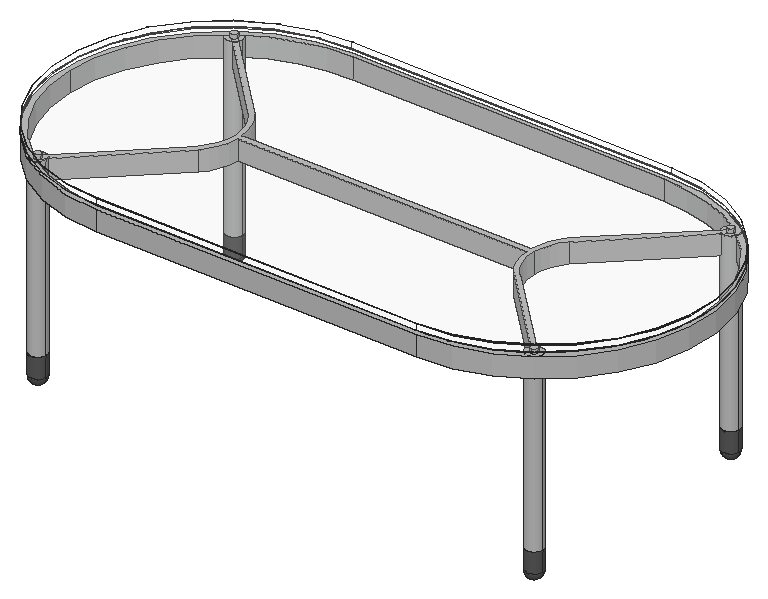
Revit family "805-48OL_Pill", category Furniture, Revit 2024
Family settings
  OmniClass Number = 23.40.20.00
  OmniClass Title = General Furniture and Specialties
  Work Plane-Based = No
  Enable Cutting in Views = No
  Always vertical = Yes
  Cut with Voids When Loaded = No
  Render Appearance Source = Family Geometry
  Shared = No
  Room Calculation Point = No
Parameters
  Top Width = 2' - 0.0015"
  Top Length = 3' - 11.99005"
  Overall Height = 1' - 3 31/32"
  Metal Frame = yes
  Legs_Y = 0' - 9 1/4"
  Legs_X = 1' - 6.6588"
  Legs Height = Overall Height - 0' 2 7/32"  # 1' - 1 3/4"
  Default Elevation = 0' - 0"
  Crossbar Height = 0' - 1 1/2"
  Anklet = yes
Reference planes (in)
  plane 1 "Center Front/Back": y = 0
  plane 2: z = 0
  plane 3 "Center Left/Right": x = 0
  plane 4: z = 15.96875
  plane 5: z = 13.75
Forms (in)
  Extrusion 1, solid, material "Glass"
    sketch origin (-11.81366, -180, 15.5) x (-1, 0, 0) y (0, -1, 0)
      loop
        arc (-23.82966, -168) -> (-35.82966, -180) -> (-23.82966, -192) r 12
        line (-23.82966, -192) -> (0.20234, -192)
        arc (0.20234, -192) -> (12.20234, -180) -> (0.20234, -168) r 12
        line (0.20234, -168) -> (-23.82966, -168)
    from 0.5 to 0
  Extrusion 2, solid, material "Powder Coat - Cement"
    sketch origin (-8.18601, -180, 13.75) x (-1, 0, 0) y (0, -1, 0)
      loop
        line (2.65337, -180.1875) -> (-19.02538, -180.1875)
        arc (-19.02538, -180.1875) -> (-19.31838, -181.50906) -> (-20.02265, -182.66507) r 4.13321
        line (-20.02265, -182.66507) -> (-26.84032, -189.48274)
        arc (-26.84032, -189.48274) -> (-23.52631, -191.12457) -> (-19.86265, -191.63049) r 11.50875
        line (-19.86265, -191.63049) -> (3.49064, -191.63049)
        arc (3.49064, -191.63049) -> (7.15429, -191.12457) -> (10.46831, -189.48274) r 11.50875
        line (10.46831, -189.48274) -> (3.65064, -182.66507)
        arc (3.65064, -182.66507) -> (2.94637, -181.50906) -> (2.65337, -180.1875) r 4.13321
      loop
        arc (2.65338, -179.8125) -> (2.9464, -178.49091) -> (3.6507, -177.33487) r 4.13321
        line (3.6507, -177.33487) -> (10.47425, -170.51131)
        arc (10.47425, -170.51131) -> (7.55812, -169.00329) -> (4.3349, -168.37979) r 11.51089
        line (4.3349, -168.37979) -> (-20.70691, -168.37979)
        arc (-20.70691, -168.37979) -> (-23.93013, -169.00329) -> (-26.84626, -170.51131) r 11.51089
        line (-26.84626, -170.51131) -> (-20.02271, -177.33487)
        arc (-20.02271, -177.33487) -> (-19.31841, -178.49091) -> (-19.02539, -179.8125) r 4.13321
        line (-19.02539, -179.8125) -> (2.65338, -179.8125)
      loop
        arc (3.99629, -177.51961) -> (3.27458, -178.67587) -> (3.01156, -180.01326) r 3.76711
        arc (3.01156, -180.01326) -> (3.23193, -181.23707) -> (3.83849, -182.32259) r 3.7696
        line (3.83849, -182.32259) -> (10.7401, -189.22421)
        arc (10.7401, -189.22421) -> (14.19636, -185.17399) -> (15.45854, -180.00127) r 11.50315
        arc (15.45854, -180.00127) -> (14.19717, -174.82689) -> (10.74229, -170.7736) r 11.51473
        line (10.74229, -170.7736) -> (3.99629, -177.51961)
      loop
        line (3.82999, -168) -> (-20.202, -168)
        arc (-20.202, -168) -> (-32.202, -180) -> (-20.202, -192) r 12
        line (-20.202, -192) -> (3.82999, -192)
        arc (3.82999, -192) -> (15.82999, -180) -> (3.82999, -168) r 12
      loop
        line (-20.3683, -177.51961) -> (-27.1143, -170.7736)
        arc (-27.1143, -170.7736) -> (-30.56918, -174.82689) -> (-31.83055, -180.00127) r 11.51473
        arc (-31.83055, -180.00127) -> (-30.56837, -185.17399) -> (-27.11211, -189.22421) r 11.50315
        line (-27.11211, -189.22421) -> (-20.2105, -182.32259)
        arc (-20.2105, -182.32259) -> (-19.60394, -181.23707) -> (-19.38357, -180.01326) r 3.7696
        arc (-19.38357, -180.01326) -> (-19.64659, -178.67587) -> (-20.3683, -177.51961) r 3.76711
    from 0 to 1.5 <- "Crossbar Height"
  Sweep 3, void
    path in 3D
      loop
        arc (12.016, -12, 16) -> (24.016, 0, 16) -> (12.016, 12, 16) r 12
        line (12.016, 12, 16) -> (-12.016, 12, 16)
        arc (-12.016, 12, 16) -> (-24.016, 0, 16) -> (-12.016, -12, 16) r 12
        line (-12.016, -12, 16) -> (12.016, -12, 16)
    profile origin (0, -12, 16) x (0, 1, 0) y (0, 0, 1)
      loop
        line (0, 0) -> (0, -0.0312) -> (0.0312, 0) -> (0, 0)
      loop
        line (0, -0.5) -> (0.0312, -0.5) -> (0, -0.4688) -> (0, -0.5)
  Extrusion 4, solid, material "Powder Coat - Cement", visible <- "Metal Frame"
    sketch origin (-12.15878, -2.55695, 0) x (1, 0, 0) y (0, 1, 0)
      loop
        circle (-6.5, -6.66452) r 0.62557
    from 2.125 to 15.24993
  Extrusion 5, solid, material "Powder Coat - Cement", visible <- "Metal Frame"
    sketch origin (-22.15825, 164.18428, 18.28119) x (-1, 0, 0) y (0, -1, 0)
      loop
        circle (-3.5, 173.40625) r 0.25
    from -3.03126 to -2.78228
  Extrusion 6, solid, material "Powder Coat - Cement", visible <- "Metal Frame"
    sketch origin (25.1588, -2.55695, 0) x (1, 0, 0) y (0, 1, 0)
      loop
        circle (-6.5, -6.66452) r 0.62557
    from 2.125 to 15.24993
  Extrusion 7, solid, material "Powder Coat - Cement", visible <- "Metal Frame"
    sketch origin (15.15933, 164.18428, 18.28119) x (-1, 0, 0) y (0, -1, 0)
      loop
        circle (-3.5, 173.40625) r 0.25
    from -3.03126 to -2.78228
  Extrusion 8, solid, material "Powder Coat - Cement", visible <- "Metal Frame"
    sketch origin (25.15878, 15.88713, 0) x (1, 0, 0) y (0, 1, 0)
      loop
        circle (-6.5, -6.66452) r 0.62557
    from 2.125 to 15.24993
  Extrusion 9, solid, material "Powder Coat - Cement", visible <- "Metal Frame"
    sketch origin (15.15931, 182.62837, 18.28119) x (-1, 0, 0) y (0, -1, 0)
      loop
        circle (-3.5, 173.40625) r 0.25
    from -3.03126 to -2.78228
  Extrusion 10, solid, material "Powder Coat - Cement", visible <- "Metal Frame"
    sketch origin (-12.15878, 15.88713, 0) x (1, 0, 0) y (0, 1, 0)
      loop
        circle (-6.5, -6.66452) r 0.62557
    from 2.125 to 15.24993
  Extrusion 11, solid, material "Powder Coat - Cement", visible <- "Metal Frame"
    sketch origin (-22.15825, 182.62837, 18.28119) x (-1, 0, 0) y (0, -1, 0)
      loop
        circle (-3.5, 173.40625) r 0.25
    from -3.03126 to -2.78228
  Revolve 12, solid, material "Plastic - Black", visible <- "Anklet"
    sketch origin (-18.7879, 9.22261, 48) x (-1, 0, 0) y (0, 0, 1)
      loop
        line (-0.12913, -47.99957) -> (-0.12913, -45.875) -> (-0.62912, -45.875) -> (-0.62912, -45.93757) -> (-0.7547, -45.93757) -> (-0.7547, -47.39729)
        arc (-0.7547, -47.39729) -> (-0.57001, -47.83148) -> (-0.12913, -47.99957) r 0.60271
      axis (-0.12913, -47.99957) -> (-0.12913, -45.875)
    angle from 0 to 360
  Revolve 13, solid, material "Plastic - Black", visible <- "Anklet"
    sketch origin (18.52966, 9.22261, 48) x (-1, 0, 0) y (0, 0, 1)
      loop
        line (-0.12913, -47.99957) -> (-0.12913, -45.875) -> (-0.62912, -45.875) -> (-0.62912, -45.93757) -> (-0.7547, -45.93757) -> (-0.7547, -47.39729)
        arc (-0.7547, -47.39729) -> (-0.57001, -47.83148) -> (-0.12913, -47.99957) r 0.60271
      axis (-0.12913, -47.99957) -> (-0.12913, -45.875)
    angle from 0 to 360
  Revolve 14, solid, material "Plastic - Black", visible <- "Anklet"
    sketch origin (18.52966, -9.22147, 48) x (-1, 0, 0) y (0, 0, 1)
      loop
        line (-0.12913, -47.99957) -> (-0.12913, -45.875) -> (-0.62912, -45.875) -> (-0.62912, -45.93757) -> (-0.7547, -45.93757) -> (-0.7547, -47.39729)
        arc (-0.7547, -47.39729) -> (-0.57001, -47.83148) -> (-0.12913, -47.99957) r 0.60271
      axis (-0.12913, -47.99957) -> (-0.12913, -45.875)
    angle from 0 to 360
  Revolve 15, solid, material "Plastic - Black", visible <- "Anklet"
    sketch origin (-18.7879, -9.22147, 48) x (-1, 0, 0) y (0, 0, 1)
      loop
        line (-0.12913, -47.99957) -> (-0.12913, -45.875) -> (-0.62912, -45.875) -> (-0.62912, -45.93757) -> (-0.7547, -45.93757) -> (-0.7547, -47.39729)
        arc (-0.7547, -47.39729) -> (-0.57001, -47.83148) -> (-0.12913, -47.99957) r 0.60271
      axis (-0.12913, -47.99957) -> (-0.12913, -45.875)
    angle from 0 to 360
Cuts and joins
  Sweep 3 cuts Extrusion 1
Lines and regions (in)
  symbolic lines, style "Glass Top"
    curve 1: line (-23.98367, 0, 16) -> (23.98406, 0, 16)
    curve 2: line (23.98406, 0, 16) -> (24.01567, 0, 15.96839)
    curve 3: line (24.01567, 0, 15.96839) -> (24.01567, 0, 15.5312)
    curve 4: line (12.3495, 0, 15.5) -> (12.3495, 0, 16)
    curve 5: line (-12.68274, 0, 15.5) -> (-12.68274, 0, 16)
    curve 7: line (0, 11.9703, 15.5) -> (0, -11.9688, 15.5)
    curve 8: line (0, -12, 15.5312) -> (0, -12, 15.9688)
    curve 9: line (0, -12, 15.9688) -> (0, -11.9688, 16)
    curve 10: line (0, -11.9688, 16) -> (0, 11.9703, 16)
    curve 11: line (0, 11.9703, 16) -> (0, 12.0015, 15.9688)
    curve 12: line (0, 12.0015, 15.5312) -> (0, 12.0015, 15.9688)
    curve 13: line (0, -12, 15.5312) -> (0, -11.9688, 15.5)
    curve 14: line (0, 12.0015, 15.5312) -> (0, 11.9703, 15.5)
    curve 15: line (24.01567, 0, 15.5312) -> (23.98447, 0, 15.5)
    curve 16: line (23.98447, 0, 15.5) -> (-23.98403, 0, 15.5)
    curve 17: line (-23.98403, 0, 15.5) -> (-24.01523, 0, 15.5312)
    curve 18: line (-24.01523, 0, 15.5312) -> (-24.01523, 0, 15.96845)
    curve 19: line (-24.01523, 0, 15.96845) -> (-23.98367, 0, 16)
  symbolic lines, style "Metal Frame"
    curve 6: line (11.9084, 0, 15.25) -> (11.9084, 0, 13.75)
  sketch lines
    curve 20: line (-12.016, -12, 16) -> (12.016, -12, 16)
    curve 21: arc (12.016, 12, 16) -> (24.016, 0, 16) -> (12.016, -12, 16) r 12
    curve 22: line (12.016, 12, 16) -> (-12.016, 12, 16)
    curve 23: arc (-12.016, -12, 16) -> (-24.016, 0, 16) -> (-12.016, 12, 16) r 12
Dimensions and locks (in)
  plane 4 to plane 5 = 0' - 2 7/32"
  aligned and locked: level to plane 2
